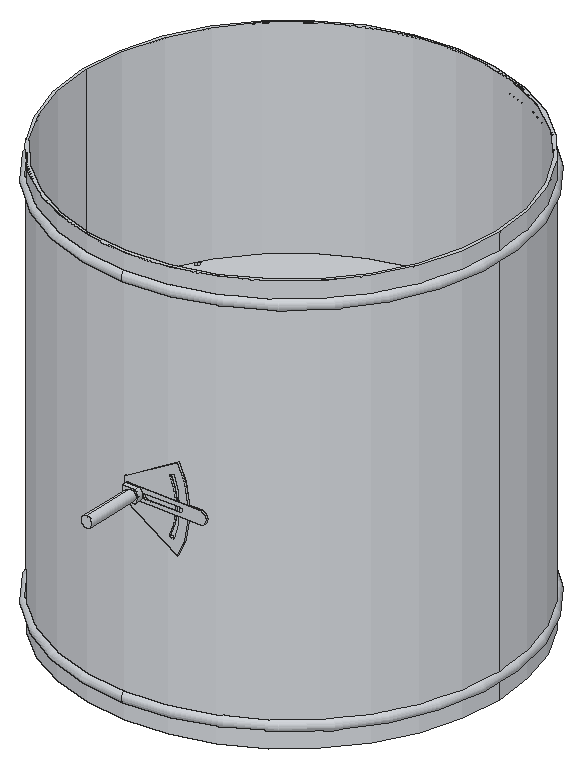
Revit family "2040112_CBR", category Air Terminals, Revit 2012
Parameters (values of type "CBR")
  Visible_Texto = or(or(Diametro_Requerido < 4", Diametro_Requerido > 36"), not(Diametro_Requerido = (Var1 * 1")))  # no
  Var1 = roundup(Diametro_Requerido / 2") * 2  # 20
  URL = "https://www.innes.com.mx"
  Type Comments = "Con venas de refuerzo"
  Tipo de Cuello = "Redondo"
  Posición de Instalación = "Techo"
  Nota1 = if(Diametro_Requerido < 4", "Diámetro  no disponible, mínimo 4 in", if(Diametro_Requerido > 36", "Diámetro  no disponible, máximo 36 in\r\n", if(Diametro_Requerido = (Var1 * 1"), ".", "Diámetro No Válido. Sólo incrementos de 2 in")))  # "."
  Model = "CBR"
  Material = "Acero"
  Manufacturer = "INNES"
  Función = "Balance"
  Diametro_Requerido = 20"
  Description = "Compuerta de balance redonda"
  Cuello Min-Max = "4\" a 36\" en Incrementos de 2\"."
  Conect = if(or((Var1 * 1") < 4", (Var1 * 1") = 4"), 1 15/16", if(or((Var1 * 1") > 36", (Var1 * 1") = 36"), 17 15/16", ((Var1 * 1") - 1" / 8) / 2))  # 9 15/16"
Reference planes (in)
  plane 1 "Center (Front/Back)": y = 0
  plane 2: z = 0
  plane 3 "Center (Left/Right)": x = 0
Nested families (in)
  nested 1: "Texto_CBR" at (-32.12474, -23.15403, 0), type "texto"
    with Visible_Texto no
  nested 2: "CBR" at (0, 0, 0), type "CBR"
Connectors (in)
  hvac at (0, 0, 20), driven by "Conect"
    settings: on nested 2, index 1, duct flow 0.0 L/s, flow factor 0, pres drop 0.0 Pa, loss coef 0, conn angle 0.00°, conn width 304.8 mm, conn height 304.8 mm, conn radius 252.413 mm, duct sys type 1, conn prof type 0, flow config 0, flow direction 0, loss method 0, conn ref index -1, conn util no, is conn primary yes, conn desc ""
  hvac at (0, 0, 0), driven by "Conect"
    settings: on nested 2, index 2, duct flow 0.0 L/s, flow factor 0, pres drop 0.0 Pa, loss coef 0, conn angle 0.00°, conn width 304.8 mm, conn height 304.8 mm, conn radius 252.413 mm, duct sys type 1, conn prof type 0, flow config 0, flow direction 0, loss method 0, conn ref index -1, conn util no, is conn primary no, conn desc ""
Definition of nested family "CBR"
  Parameters (values of type "CBR")
    Var2 = roundup(Medida_Requerida_Diametro / 2") * 2  # 20
    Var1 = if(Var2 * 1" > 36", 36", if(Var2 * 1" < 4", 4", Var2 * 1"))  # 20"
    URL = "https://www.innes.com.mx"
    Radio_Barreno = Radio - 3" / 8  # 9 9/16"
    Radio = Diametro_Real / 2  # 9 15/16"
    Radio_Int = Radio - 1/8"  # 9 13/16"
    Medida_Requerida_Diametro = 20"
    Manufacturer = "INNES"
    Diametro_Real = Var1 - 1" / 8  # 19 7/8"
    Altura_Perfil_B2 = H_Altura - 3/4"  # 19 1/4"
    Altura_Perfil_A1 = 3" / 4  # 3/4"
    Altura_Compuerta = H_Altura / 2  # 10"
    H_Altura = if(Medida_Requerida_Diametro > 36", 36", if(or(Medida_Requerida_Diametro < 4", Medida_Requerida_Diametro = 4"), 5 1/2", Medida_Requerida_Diametro))  # 20"
  Reference planes (in)
    plane 1 "Center (Front/Back)": y = 0
    plane 2: z = 0
    plane 3 "Center (Left/Right)": x = 0
    plane 4 "Altura H": z = 20
    plane 5 "Altura perfil B2": z = 19.25
    plane 6 "Altura perfil B1": z = 18.75
    plane 7 "Altura perfil A2": z = 1.25
    plane 8 "Altura perfil A1": z = 0.75
    plane 9 "Perfil int": y = -9.9375
    plane 10 "Altura compuerta": z = 10
    plane 11 "Altura espesor compuerta": z = 10.125
  Forms (in)
    Extrusion 1, solid
      sketch origin (0, 0, 0) x (1, 0, 0) y (0, 1, 0)
        loop
          circle (0, 0) r 9.9375
        loop
          circle (0, 0) r 9.8125
      from 0 to 20
    Revolve 2, solid
      sketch origin (0, 0, 0) x (0, 1, 0) y (0, 0, 1)
        loop
          arc (-9.9375, 19.25) -> (-10.12705, 19) -> (-9.9375, 18.75) r 0.25964
          line (-9.9375, 18.75) -> (-9.9375, 19.25)
        axis (0, 18.75) -> (0, 19.25)
      angle from 0 to 360
    Revolve 3, solid
      sketch origin (0, 0, 0) x (0, 1, 0) y (0, 0, 1)
        loop
          arc (-9.9375, 1.25) -> (-10.12524, 1) -> (-9.9375, 0.75) r 0.26032
          line (-9.9375, 0.75) -> (-9.9375, 1.25)
        axis (0, 1.25) -> (0, 0.75)
      angle from 0 to 360
    Extrusion 4, solid
      sketch origin (0, 0, 10) x (-1, 0, 0) y (0, -1, 0)
        loop
          circle (0, 0) r 9.8125
      from 0 to 0.125
    Extrusion 5, void
      sketch origin (0, -6.04822, 10.125) x (0, -1, 0) y (-1, 0, 0)
        loop
          circle (3.51428, 0) r 0.125
      from 0 to 0.125
    Extrusion 6, void, not visible
      sketch origin (0, 0, 10.125) x (0, -1, 0) y (-1, 0, 0)
        loop
          circle (3.51428, 0) r 0.125
      from 0 to 0.125
    Extrusion 7, void
      sketch origin (-5.23791, -3.02411, 10.125) x (-0.866025, -0.5, 0) y (-0.5, 0.866025, 0)
        loop
          circle (3.51428, 0) r 0.125
      from 0 to 0.125
    Extrusion 8, void
      sketch origin (5.23791, -3.02411, 10.125) x (0.866025, -0.5, 0) y (-0.5, -0.866025, 0)
        loop
          circle (3.51428, 0) r 0.125
      from 0 to 0.125
    Extrusion 9, void
      sketch origin (5.23791, 3.02411, 10.125) x (0.866025, 0.5, 0) y (0.5, -0.866025, 0)
        loop
          circle (3.51428, 0) r 0.125
      from 0 to 0.125
    Extrusion 10, void
      sketch origin (0, 6.04822, 10.125) x (0, 1, 0) y (1, 0, 0)
        loop
          circle (3.51428, 0) r 0.125
      from 0 to 0.125
    Extrusion 11, void
      sketch origin (-5.23791, 3.02411, 10.125) x (-0.866025, 0.5, 0) y (0.5, 0.866025, 0)
        loop
          circle (3.51428, 0) r 0.125
      from 0 to 0.125
  Cuts and joins
    Extrusion 5, Extrusion 7, Extrusion 8, Extrusion 9, Extrusion 10, Extrusion 11 cuts Extrusion 4
  Dimensions and locks (in)
    "H_Altura": plane 4 "Altura H" to level
    "Altura_Perfil_A1": plane 8 "Altura perfil A1" to level
    locked: plane 7 "Altura perfil A2" to plane 8 "Altura perfil A1" at 0.5
    "Altura_Perfil_B2": plane 5 "Altura perfil B2" to level
    locked: plane 5 "Altura perfil B2" to plane 6 "Altura perfil B1" at 0.5
    "Radio": plane 1 "Center (Front/Back)" to plane 9 "Perfil int"
    locked: Revolve 2 sketch curve to Revolve 2 sketch curve at 0.5
    locked: Revolve 3 sketch curve to Revolve 3 sketch curve at 0.5
    "Altura_Compuerta": plane 10 "Altura compuerta" to level
    locked: plane 11 "Altura espesor compuerta" to plane 10 "Altura compuerta" at 0.125
    "Radio": radius of Extrusion 1 sketch curve
    "Radio_Int": radius of Extrusion 1 sketch curve
    radius of Revolve 2 sketch curve = 0.25964"
    radius of Revolve 3 sketch curve = 0.26032"
    "Radio_Int": radius of Extrusion 4 sketch curve
    "Radio_Barreno": radius of radial array
    aligned and locked: plane 2 to level
    aligned and locked: Extrusion 1 to plane 4 "Altura H"
    aligned and locked: Revolve 2 sketch curve to plane 1 "Center (Front/Back)"
    aligned and locked: plane 1 "Center (Front/Back)" to Revolve 3 sketch curve
    aligned and locked: Extrusion 4 to plane 11 "Altura espesor compuerta"
    aligned and locked: nested 1 to plane 10 "Altura compuerta"
    aligned and locked: nested 2 to plane 11 "Altura espesor compuerta"
  Automatic sketch dimensions
    Extrusion 1 sketch curve to Extrusion 1 sketch curve = 0"  (x2)
    plane 1 "Center (Front/Back)" to Extrusion 1 sketch curve = 0"
    Extrusion 1 sketch curve to plane 3 "Center (Left/Right)" = 0"
    Revolve 2 sketch curve to plane 6 "Altura perfil B1" = 0"
    Revolve 2 sketch curve to plane 9 "Perfil int" = 0"
    Revolve 2 sketch curve to plane 6 "Altura perfil B1" = 1/2"
    plane 7 "Altura perfil A2" to Revolve 2 sketch curve = 1 1/2"
    Revolve 3 sketch curve to plane 8 "Altura perfil A1" = 0"
    Revolve 3 sketch curve to plane 9 "Perfil int" = 0"
    plane 7 "Altura perfil A2" to Revolve 3 sketch curve = 1/2"
    Revolve 3 sketch curve to plane 6 "Altura perfil B1" = 1 1/4"
    plane 1 "Center (Front/Back)" to Extrusion 4 sketch curve = 0"
    Extrusion 4 sketch curve to plane 3 "Center (Left/Right)" = 0"
    radius of Extrusion 5 sketch curve = 1/8"
    radius of Extrusion 6 sketch curve = 1/8"
    radius of Extrusion 7 sketch curve = 1/8"
    radius of Extrusion 8 sketch curve = 1/8"
    radius of Extrusion 9 sketch curve = 1/8"
    radius of Extrusion 10 sketch curve = 1/8"
    radius of Extrusion 11 sketch curve = 1/8"
  Nested families (in)
    nested 1: "Dispositivo de cierre para CBR" at (0.06326, -9.9373, 10) x (0, 0, -1) z (0.0064, -1, 0), type "Dispositivo de cierre para CBR"
    nested 2: "Ensamble 2 d CBR" at (0.01234, 9.93749, 10.125) x (-1, 0.0012, 0) z (0.0012, 1, 0), type "Ensamble 2 d CBR"
  Definition of nested family "Dispositivo de cierre para CBR"
    Parameters (values of type "Dispositivo de cierre para CBR")
      Default Elevation = 48"
    Reference planes (in)
      plane 1 "Center (Front/Back)": y = 0
      plane 2: z = 0
      plane 3 "Center (Left/Right)": x = 0
      plane 4 "Altura primera placa": z = 0.0625
      plane 5 "Altura segunda placa": z = 0.125
    Forms (in)
      Extrusion 1, solid
        sketch origin (0, 0, 0) x (1, 0, 0) y (0, 1, 0)
          loop
            line (-48, 48) -> (-48, -48) -> (48, -48) -> (48, 48) -> (-48, 48)
        from 0 to -12
      Extrusion 2, solid
        sketch origin (0, 0, 0) x (1, 0, 0) y (0, 1, 0)
          loop
            line (-0.5, 0) -> (0.5, 0) -> (2.05381, 2.5)
            arc (2.05381, 2.5) -> (0.05381, 3.00664) -> (-1.94619, 2.5) r 4.2009
            line (-1.94619, 2.5) -> (-0.5, 0)
          loop
            arc (-1.26955, 2.11431) -> (0, 2.39924) -> (1.26955, 2.11431) r 2.97077
            arc (1.26955, 2.11431) -> (1.35908, 2.21192) -> (1.36712, 2.34413) r 0.19817
            arc (1.36712, 2.34413) -> (0, 2.62234) -> (-1.36712, 2.34413) r 3.49819
            arc (-1.36712, 2.34413) -> (-1.36085, 2.21117) -> (-1.26955, 2.11431) r 0.19179
          loop
            circle (0, 0.5) r 0.25
        from 0 to 0.0625
      Extrusion 3, solid
        sketch origin (0, 0, 0) x (1, 0, 0) y (0, 1, 0)
          loop
            circle (0, 0.5) r 0.25
        from 0 to 3
      Extrusion 4, solid
        sketch origin (0, 0, 0.0625) x (-1, 0, 0) y (0, -1, 0)
          loop
            circle (0, -0.5) r 0.25
          loop
            line (0.29523, -0.1255) -> (-0.29523, -0.1255) -> (-0.29523, -3.6255)
            arc (-0.29523, -3.6255) -> (0, -3.92072) -> (0.29523, -3.6255) r 0.29523
            line (0.29523, -3.6255) -> (0.29523, -0.1255)
          loop
            line (0.125, -2.68981) -> (0.125, -1.05682)
            arc (0.125, -1.05682) -> (0, -0.93182) -> (-0.125, -1.05682) r 0.125
            line (-0.125, -1.05682) -> (-0.125, -2.68981)
            arc (-0.125, -2.68981) -> (0, -2.81481) -> (0.125, -2.68981) r 0.125
        from 0 to 0.0625
      Extrusion 5, solid
        sketch origin (0, 0, 0.125) x (-1, 0, 0) y (0, -1, 0)
          loop
            line (0.29523, -0.1255) -> (-0.29523, -0.1255) -> (-0.29523, -0.73119)
            arc (-0.29523, -0.73119) -> (0, -0.86169) -> (0.29523, -0.73119) r 0.39921
            line (0.29523, -0.73119) -> (0.29523, -0.1255)
          loop
            circle (0, -0.5) r 0.25
        from 0 to 0.25
    Lines and regions (in)
      model lines
        curve 1: line (-0.29523, 0.1255, 0.0625) -> (0.29523, 0.1255, 0.0625)
        curve 2: line (-0.29523, 0.1255, 0.0625) -> (-0.29523, 3.6255, 0.0625)
        curve 3: line (0.29523, 3.6255, 0.0625) -> (0.29523, 0.1255, 0.0625)
        curve 4: circle (0, 0.5, 0.0625) r 0.25 normal (0, 0, 1)
        curve 5: arc (-0.29523, 3.6255, 0.0625) -> (0, 3.69191, 0.0625) -> (0.29523, 3.6255, 0.0625) r 0.68942
        curve 6: line (0.125, 1.05682, 0.0625) -> (0.125, 2.68981, 0.0625)
        curve 7: line (-0.125, 1.05682, 0.0625) -> (-0.125, 2.68981, 0.0625)
        curve 8: arc (-0.125, 2.68981, 0.0625) -> (0, 2.81481, 0.0625) -> (0.125, 2.68981, 0.0625) r 0.125
        curve 9: arc (-0.125, 1.05682, 0.0625) -> (0, 0.93182, 0.0625) -> (0.125, 1.05682, 0.0625) r 0.125
    Dimensions and locks (in)
      locked: plane 4 "Altura primera placa" to Extrusion 1 at 0.0625
      equal spacing: curve 1, plane 3 "Center (Left/Right)", curve 1
      locked: plane 5 "Altura segunda placa" to plane 4 "Altura primera placa" at 0.0625
      aligned and locked: plane 2 to Extrusion 1
      aligned and locked: level to Extrusion 1
  Definition of nested family "Ensamble 2 d CBR"
    Parameters (values of type "Ensamble 2 d CBR")
      Default Elevation = 48"
    Reference planes (in)
      plane 1 "Center (Front/Back)": y = 0
      plane 2: z = 0
      plane 3 "Center (Left/Right)": x = 0
    Forms (in)
      Extrusion 1, solid
        sketch origin (0, 0, 0) x (1, 0, 0) y (0, 1, 0)
          loop
            line (-48, 48) -> (-48, -48) -> (48, -48) -> (48, 48) -> (-48, 48)
        from 0 to -12
      Extrusion 2, solid
        sketch origin (0, 0, 0) x (1, 0, 0) y (0, 1, 0)
          loop
            circle (0, 0) r 0.25
        from 0 to 0.75
    Dimensions and locks (in)
      aligned and locked: plane 2 to Extrusion 1
      aligned and locked: level to Extrusion 1
Definition of nested family "Texto_CBR"
  Parameters (values of type "texto")
    texto = "Caudal no Válido"
    Visible_Texto = yes
    Color = rojo
  Reference planes (in)
    plane 1 "Center (Front/Back)": y = 0
    plane 2: z = 0
    plane 3 "Center (Left/Right)": x = 0
